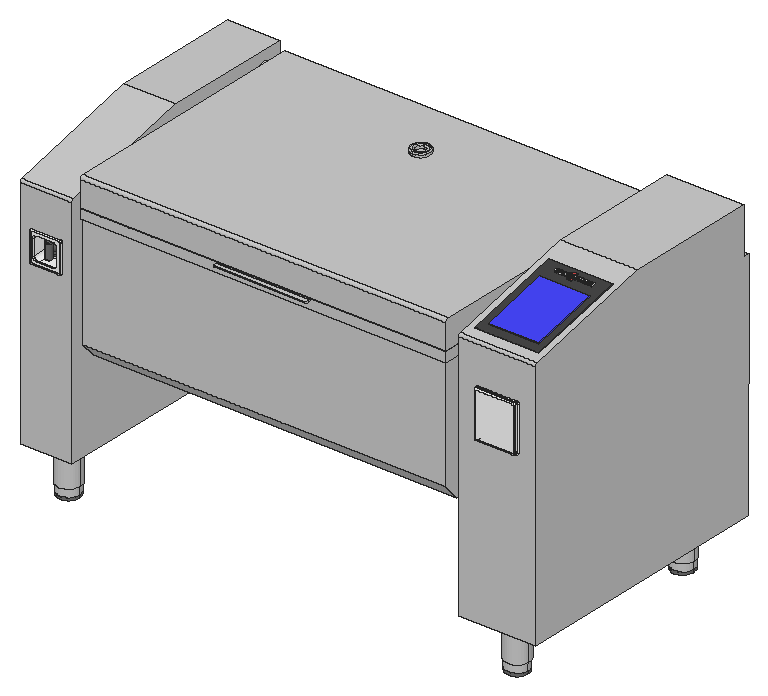
Revit family "QF_WELBILT-CONVOTHERM_FLEXX_PRO_151_260211053209", category Specialty Equipment, Revit 2021
Family settings
  Round Connector Dimension = Use Diameter
  Part Type = Normal
  OmniClass Number = 23.40.40.14
  OmniClass Title = Food Service Equipment
  Work Plane-Based = No
  Always vertical = Yes
  Cut with Voids When Loaded = No
  Shared = No
  Room Calculation Point = No
Parameters (values of type "JI-MKH-007")
  Weight [instance] = 417.00 kg
  Waste Water Discharge Temperature [instance] = 0 °C
  Waste Remarks [instance] = ""
  Warranty Start Date [instance] = ""
  Warranty Duration [instance] = ""
  Volts [instance] = 400 V
  Volt Free Conn [instance] = no
  URL Recommended Spares List [instance] = ""
  URL Manufacturer [instance] = ""
  URL Cutsheet [instance] = ""
  URL Critical Spares List [instance] = ""
  URL = "www.convotherm.com"
  Technical Documentation [instance] = ""
  Tag Number [instance] = ""
  Status [instance] = ""
  Start Up Current [instance] = 0 A
  Specification by User [instance] = ""
  Specification by Manufacturer [instance] = ""
  Sound Level [instance] = ""
  Show Logo [instance] = yes
  Show Clearances [instance] = yes
  Service Life Duration [instance] = ""
  Serial Number [instance] = ""
  Seismic Rating [instance] = ""
  SMACNA No [instance] = ""
  Revision Code [instance] = ""
  Revision [instance] = ""
  Production Year [instance] = ""
  Potential Equalisation [instance] = no
  Point Load [instance] = 0
  Plumbing Remarks [instance] = ""
  Plumbing Connection Type [instance] = ""
  Phase [instance] = 3
  Other Equipment Approvals [instance] = ""
  Operational Current [instance] = 0 A
  Odor Trap Included [instance] = no
  Number of Poles [instance] = 3
  No Load Power Draw [instance] = no
  National Water Regulation Certification [instance] = no
  NAFEM Spec ID Number [instance] = ""
  Model Warning [instance] = ""
  Model = "FLEXX PRO 151"
  Min Ckt Ampacity [instance] = 0 A
  Max Overcurrent Protection [instance] = 50 A
  Masterspec [instance] = ""
  Manufacturer = "WELBILT-CONVOTHERM"
  Main switch integrated [instance] = no
  Length Actual [instance] = 1651 mm
  Item Number [instance] = ""
  Installed By [instance] = ""
  Installation Date [instance] = ""
  Indirect Waste Size [instance] = 50.8 mm
  Indirect Waste Remarks [instance] = ""
  Indirect Waste Flow [instance] = 0.0 L/s
  Indirect Waste Connection Type [instance] = ""
  Indirect Waste Connection Height [instance] = 0 mm
  Identify Quantity as Lot [instance] = no
  ID [instance] = ""
  Hygiene Approval [instance] = ""
  Height Actual [instance] = 1050 mm
  HP power [instance] = ""
  Furnished By [instance] = ""
  Foodservice Equipment Identifier [instance] = no
  FL Amps [instance] = 48 A
  Electrical Remarks [instance] = "Plug not included"
  Electric power [instance] = 36900 W
  Electric Connection Type [instance] = "Cord&Plug"
  Elec Conn RI Height [instance] = 0 mm
  Elec Conn Connection Height [instance] = 0 mm
  ETL Approved [instance] = no
  Direct Waste Water Discharge Temperature [instance] = -273.15 °C
  Direct Waste Size [instance] = 50.8 mm
  Direct Waste RI Height [instance] = 0 mm
  Direct Waste Flow [instance] = 0.0 L/s
  Direct Waste Connection Height [instance] = 0 mm
  Description = "MULTIFUNCTION COOKING DEVICE 3XGN 1/1 150LT"
  Depth Actual [instance] = 850 mm
  Default Elevation = 0 mm
  Cycle [instance] = 50 Hz
  Cost = 0
  Connection to energy optimisation system [instance] = yes
  Conn Plug [instance] = ""
  Conn Conduit [instance] = no
  Cold Water Temperature Recommended [instance] = 0 °C
  Cold Water Size [instance] = 19.05 mm
  Cold Water Remarks [instance] = ""
  Cold Water RI Height [instance] = 0 mm
  Cold Water Quality [instance] = ""
  Cold Water Minimum Pressure [instance] = 200000.0 Pa
  Cold Water Maximum Pressure [instance] = 600000.0 Pa
  Cold Water Flow [instance] = 0.0 L/s
  Cold Water Connection Type [instance] = ""
  Cold Water Connection Height [instance] = 0 mm
  Centralized building control system with digital interface [instance] = ""
  CSI MasterFormat [instance] = ""
  CE Approved [instance] = no
  Barcode [instance] = 0
  Author [instance] = ""
  Asset Identifier [instance] = ""
  Apparent Power [instance] = 36900 VA
  Accessory [instance] = no
Reference planes
  plane 1 "Center (Front/Back)": y = 0
  plane 2: z = 0
  plane 3 "Center (Left/Right)": x = 0
Forms (mm)
  Extrusion 1, solid, not visible
    sketch origin (1551.076, -100.005, 252.012) x (1, 0, 0) y (0, 1, 0)
      loop
        line (-2, 2) -> (-2, -2) -> (2, -2) -> (2, 2) -> (-2, 2)
    from -2 to 2
  Extrusion 2, solid, not visible
    sketch origin (1023.05, -500.024, 460.022) x (1, 0, 0) y (0, 1, 0)
      loop
        line (-2, 2) -> (-2, -2) -> (2, -2) -> (2, 2) -> (-2, 2)
    from -2 to 2
  Extrusion 3, solid, not visible
    sketch origin (160.008, -100.005, 170.008) x (1, 0, 0) y (0, 1, 0)
      loop
        line (-2, 2) -> (-2, -2) -> (2, -2) -> (2, 2) -> (-2, 2)
    from -2 to 2
Dimensions and locks
  locked: nested 2 to Extrusion 1 at 2  (x2)
  locked: nested 3 to Extrusion 2 at 2  (x2)
  locked: nested 4 to Extrusion 3 at 2
  locked: nested 4 to Extrusion 3
  aligned and locked: level to plane 2
Nested families
  nested 1: "QF_WELBILT-CONVOTHERM_JI-MKH-007_2920" at (0, 0, 150), type "JI-MKH-007"
    with Weight 417.00 kg, Warranty Start Date "", Warranty Duration "", URL Cutsheet "", Technical Documentation "", Tag Number "", Status "", Specification by User "", Specification by Manufacturer "", Sound Level "", Solid Fuel Type "", Show Logo yes, Show Clearances yes, Service Life Duration "", Serial Number "", Seismic Rating "", SMACNA No "", Revision Code "", Revision "", Production Year "", Point Load 0, Other Equipment Approvals "", NAFEM Spec ID Number "", Model Warning "", Masterspec "", Length Actual 1651 mm, Item Number "", Installed By "", Installation Date "", Identify Quantity as Lot yes, ID "", Hygiene Approval "", Height Actual 1050 mm, Furnished By "", Foodservice Equipment Identifier yes, ETL Approved yes, Depth Actual 850 mm, CSI MasterFormat "", CE Approved yes, Barcode "", Asset Identifier "", Accessory no
  nested 2: "CONN_POINT_COLDWATER_2D___Generic_Annotation" at (1551.076, -100.005, 250.012), type "CONN_POINT_COLDWATER_2D___Generic_Annotation"
    with Onboard connection annotation symbol visibility yes
  nested 3: "CONN_POINT_DRAIN_2D___Generic_Annotation" at (1023.05, -500.024, 458.022), type "CONN_POINT_DRAIN_2D___Generic_Annotation"
    with Onboard connection annotation symbol visibility yes
  nested 4: "CONN_POINT_ELE_2D___Generic_Annotation" at (162.008, -100.005, 170.008), type "CONN_POINT_ELE_2D___Generic_Annotation"
    with Onboard connection annotation symbol visibility yes
  nested 5: "QF_WELBILT-CONVOTHERM_FLEXX-PRO-FEETS" at (0, 0, 0), type "K6257504"
    with Weight 0.00 kg, Warranty Start Date "", Warranty Duration "", URL Cutsheet "", Technical Documentation "", Tag Number "", Status "", Specification by User "", Specification by Manufacturer "", Sound Level "", Solid Fuel Type "", Show Logo yes, Show Clearances yes, Service Life Duration "", Serial Number "", Seismic Rating "", SMACNA No "", Revision Code "", Revision "", Production Year "", Point Load 0, Other Equipment Approvals "", NAFEM Spec ID Number "", Model Warning "", Masterspec "", Length Actual 1651 mm, Item Number "", Installed By "", Installation Date "", Identify Quantity as Lot yes, ID "", Hygiene Approval "", Height Actual 150 mm, Furnished By "", Foodservice Equipment Identifier yes, ETL Approved yes, Depth Actual 850 mm, CSI MasterFormat "", CE Approved yes, Barcode "", Asset Identifier "", Accessory yes
Connectors
  piping at (1551.076, -100.005, 250.012), diameter 19.05, driven by "Cold Water Size", driven by "Cold Water Flow"
    settings: on Extrusion 1, index 1, connector inside diameter 609.6 mm, connector length 0 mm, flow factor 0, pipe flow 0.0 L/s, pressure drop 0.0 Pa, fitting loss kfactor 0, connector angle 0.00°, fixture units 0, engagement length 0 mm, angle of deflection 0.00°, flow configuration 1, flow direction 1, fitting loss method 0, system type 20, joint type 0, gender type 0, connector reference index -1, connector utility 0, adjustable connector no, is connector primary yes, connector description "Cold Water connection for FLEXX PRO 151"
  piping at (1023.05, -500.024, 458.022), diameter 50.8, driven by "Indirect Waste Size", driven by "Direct Waste Flow"
    settings: on Extrusion 2, index 2, connector inside diameter 609.6 mm, connector length 0 mm, flow factor 0, pipe flow 0.0 L/s, pressure drop 0.0 Pa, fitting loss kfactor 0, connector angle 0.00°, fixture units 0, engagement length 0 mm, angle of deflection 0.00°, flow configuration 1, flow direction 2, fitting loss method 0, system type 16, joint type 0, gender type 0, connector reference index -1, connector utility 0, adjustable connector no, is connector primary no, connector description "Waste connection for FLEXX PRO 151"
  electrical at (162.008, -100.005, 170.008), driven by "Apparent Power", driven by "Number of Poles", driven by "Volts"
    settings: on Extrusion 3, index 3, voltage 400 V, apparent load 0 VA, apparent load phase1 36900 VA, apparent load phase2 0 VA, apparent load phase3 0 VA, power factor 1, load classification "Other", number of poles 3, system type 31, power factor state 1, is connector primary yes, connector utility no, sub classification motor no, connector description "Electrical connection for FLEXX PRO 151"
Definition of nested family "QF_WELBILT-CONVOTHERM_JI-MKH-007_2920"
  Parameters (values of type "JI-MKH-007")
    Weight [instance] = 0.00 kg
    Warranty Start Date [instance] = ""
    Warranty Duration [instance] = ""
    URL Cutsheet [instance] = ""
    URL = "www.convotherm.com"
    Technical Documentation [instance] = ""
    Tag Number [instance] = ""
    Status [instance] = ""
    Specification by User [instance] = ""
    Specification by Manufacturer [instance] = ""
    Sound Level [instance] = ""
    Solid Fuel Type [instance] = ""
    Show Logo [instance] = yes
    Show Clearances [instance] = yes
    Service Life Duration [instance] = ""
    Serial Number [instance] = ""
    Seismic Rating [instance] = ""
    SMACNA No [instance] = ""
    Revision Code [instance] = ""
    Revision [instance] = ""
    Production Year [instance] = ""
    Point Load [instance] = 0
    Other Equipment Approvals [instance] = ""
    NAFEM Spec ID Number [instance] = ""
    Model Warning [instance] = ""
    Model = "FLEXX PRO 151"
    Masterspec [instance] = ""
    Manufacturer = "WELBILT-CONVOTHERM"
    Length Actual [instance] = 0 mm
    Item Number [instance] = ""
    Installed By [instance] = ""
    Installation Date [instance] = ""
    Identify Quantity as Lot [instance] = yes
    ID [instance] = ""
    Hygiene Approval [instance] = ""
    Height Actual [instance] = 0 mm
    Furnished By [instance] = ""
    Foodservice Equipment Identifier [instance] = yes
    ETL Approved [instance] = yes
    Description = "MULTIFUNCTION COOKING DEVICE 3XGN 1/1 150LT"
    Depth Actual [instance] = 0 mm
    Default Elevation = 0 mm
    CSI MasterFormat [instance] = ""
    CE Approved [instance] = yes
    Barcode [instance] = ""
    Author = "SPECIFI"
    Asset Identifier [instance] = ""
    Assembly Code = "E1090320"
    Accessory [instance] = yes
  Reference planes
    plane 1 "Back": y = 0
    plane 2: z = 0
    plane 3 "Left": x = 0
    plane 4 "Right": x = 1651
    plane 5 "Front": y = -850
    plane 6 "Top": z = 900
  Forms (mm)
    Extrusion 1, solid
      sketch origin (0, 0, -150) x (0, 1, 0) y (0, 0, 1)
        loop
          line (0, 150) -> (0, 902) -> (-20, 902) -> (-20, 1000) -> (-435, 1000) -> (-842.983, 907.833)
          arc (-842.983, 907.833) -> (-848.03, 904.673) -> (-850, 899.054) r 9
          line (-850, 899.054) -> (-850, 150) -> (0, 150)
      from 0 to 166
    Extrusion 2, solid
      sketch origin (1651, 10, -150) x (0, -1, 0) y (0, 0, 1)
        loop
          line (10, 150) -> (860, 150) -> (860, 950.639)
          arc (860, 950.639) -> (858.03, 956.258) -> (852.983, 959.418) r 9
          line (852.983, 959.418) -> (452.017, 1050) -> (30, 1050) -> (30, 902) -> (10, 902) -> (10, 150)
      from 0 to 246
    Extrusion 3, solid
      sketch origin (0, 0, -150) x (0, 1, 0) y (0, 0, 1)
        loop
          line (-131.5, 458.3) -> (-131.5, 868.5) -> (-855.5, 868.5) -> (-855.5, 508.65) -> (-810.5, 458.3) -> (-131.5, 458.3)
      from 204 to 1367
    Extrusion 4, solid
      sketch origin (0, 0, -150) x (0, 1, 0) y (0, 0, 1)
        loop
          line (-859, 898.5) -> (-859, 868.5) -> (-128, 868.5) -> (-128, 898.5) -> (-859, 898.5)
      from 200 to 1371
    Extrusion 5, solid
      sketch origin (0, 0, -149) x (0, 1, 0) y (0, 0, 1)
        loop
          circle (-755, 536) r 30
      from 170 to 200
    Extrusion 6, solid
      sketch origin (0, 0, -149) x (0, 1, 0) y (0, 0, 1)
        loop
          circle (-755, 536) r 40
      from 166 to 170
    Extrusion 7, solid
      sketch origin (0, 0, -149) x (0, 1, 0) y (0, 0, 1)
        loop
          circle (-755, 536) r 40
      from 200 to 204
    Extrusion 8, solid
      sketch origin (1572, 0, -149) x (0, 1, 0) y (0, 0, -1)
        loop
          circle (-755, -536) r 30
      from 171 to 201
    Extrusion 9, solid
      sketch origin (1571, 0, -149) x (0, 1, 0) y (0, 0, -1)
        loop
          circle (-755, -536) r 40
      from 166 to 170
    Extrusion 10, solid
      sketch origin (0, -0.3, -150) x (0, 1, 0) y (0, 0, 1)
        loop
          line (-40.7, 914) -> (-40.7, 991) -> (-849.7, 991)
          arc (-849.7, 991) -> (-856.064, 988.364) -> (-858.7, 982) r 9
          line (-858.7, 982) -> (-858.7, 901) -> (-70.7, 901) -> (-40.7, 914)
      from 200 to 1371
    Extrusion 11, solid
      sketch origin (0, 0, -150) x (0, 1, 0) y (0, 0, 1)
        loop
          circle (-85, 946) r 25
      from 166 to 200
    Extrusion 12, solid
      sketch origin (1571, 0, -150) x (0, 1, 0) y (0, 0, -1)
        loop
          circle (-85, -946) r 25
      from 166 to 200
    Extrusion 13, solid
      sketch origin (179, 0, -150) x (1, 0, 0) y (0, 1, 0)
        loop
          arc (456.7, -869) -> (458.164, -872.536) -> (461.7, -874) r 5
          line (461.7, -874) -> (751.7, -874)
          arc (751.7, -874) -> (755.236, -872.536) -> (756.7, -869) r 5
          line (756.7, -869) -> (756.7, -859) -> (456.7, -859) -> (456.7, -869)
      from 892.5 to 895.5
    Extrusion 14, solid
      sketch origin (0, 0, -150) x (0, 1, 0) y (0, 0, 1)
        loop
          line (-232, 150) -> (0, 150) -> (0, 902) -> (-33, 902) -> (-46.715, 831.44) -> (-101, 792) -> (-101, 462) -> (-232, 423.097) -> (-232, 150)
      from 166 to 1405
    Sweep 15, solid
      path origin (358, -850, -150) x (-1, 0, 0) y (0, 0, 1)
        loop
          line (-1108.5, 825.639) -> (-1231.5, 825.639)
          arc (-1231.5, 825.639) -> (-1231.854, 825.492) -> (-1232, 825.139) r 0.5
          line (-1232, 825.139) -> (-1232, 684.139)
          arc (-1232, 684.139) -> (-1231.854, 683.785) -> (-1231.5, 683.639) r 0.5
          line (-1231.5, 683.639) -> (-1108.5, 683.639)
          arc (-1108.5, 683.639) -> (-1108.146, 683.785) -> (-1108, 684.139) r 0.5
          line (-1108, 684.139) -> (-1108, 825.139)
          arc (-1108, 825.139) -> (-1108.146, 825.492) -> (-1108.5, 825.639) r 0.5
      profile origin (1528, -850, 675.639) x (0, 0, -1) y (0, 1, 0)
        loop
          line (0, -13) -> (0, 0) -> (-6, 0)
          arc (-6, 0) -> (-3.879, -0.879) -> (-3, -3) r 3
          line (-3, -3) -> (-3, -10)
          arc (-3, -10) -> (-2.121, -12.121) -> (0, -13) r 3
    Extrusion 16, solid
      sketch origin (358, -850, -150) x (-1, 0, 0) y (0, 0, 1)
        loop
          arc (-1231.5, 825.639) -> (-1231.854, 825.492) -> (-1232, 825.139) r 0.5
          line (-1232, 825.139) -> (-1232, 684.139)
          arc (-1232, 684.139) -> (-1231.854, 683.785) -> (-1231.5, 683.639) r 0.5
          line (-1231.5, 683.639) -> (-1108.5, 683.639)
          arc (-1108.5, 683.639) -> (-1108.146, 683.785) -> (-1108, 684.139) r 0.5
          line (-1108, 684.139) -> (-1108, 825.139)
          arc (-1108, 825.139) -> (-1108.146, 825.492) -> (-1108.5, 825.639) r 0.5
          line (-1108.5, 825.639) -> (-1231.5, 825.639)
      from 0 to -13
    Revolve 17, solid
      sketch origin (785.5, 0, -150) x (0, 1, 0) y (0, 0, 1)
        loop
          line (-211.7, 991) -> (-199.2, 991) -> (-199.2, 998)
          arc (-199.2, 998) -> (-200.079, 1000.121) -> (-202.2, 1001) r 3
          line (-202.2, 1001) -> (-208.7, 1001)
          arc (-208.7, 1001) -> (-210.821, 1000.121) -> (-211.7, 998) r 3
          line (-211.7, 998) -> (-211.7, 991)
        axis (-229.2, 991) -> (-229.2, 1001)
      angle from 0 to 360
    Extrusion 18, solid, visible <- "Show Clearances", detail levels coarse
      sketch origin (0, 0, -150) x (0, 1, 0) y (0, 0, 1)
        loop
          line (-41, 991) -> (-41, 1707)
          arc (-41, 1707) -> (-587.269, 1505.824) -> (-859, 991) r 813
          line (-859, 991) -> (-41, 991)
      from 200 to 1371
    Sweep 19, solid
      path origin (0, -850, -150) x (-1, 0, 0) y (0, 0, 1)
        loop
          arc (-129.2, 776.554) -> (-129.554, 776.407) -> (-129.7, 776.054) r 0.5
          line (-129.7, 776.054) -> (-129.7, 684.054)
          arc (-129.7, 684.054) -> (-129.554, 683.7) -> (-129.2, 683.554) r 0.5
          line (-129.2, 683.554) -> (-37.2, 683.554)
          arc (-37.2, 683.554) -> (-36.846, 683.7) -> (-36.7, 684.054) r 0.5
          line (-36.7, 684.054) -> (-36.7, 776.054)
          arc (-36.7, 776.054) -> (-36.846, 776.407) -> (-37.2, 776.554) r 0.5
          line (-37.2, 776.554) -> (-129.2, 776.554)
      profile origin (83.2, -850, 626.554) x (0, 0, 1) y (0, 1, 0)
        loop
          line (0, 0) -> (0, -5)
          arc (0, -5) -> (2.121, -4.121) -> (3, -2) r 3
          line (3, -2) -> (3, 0) -> (0, 0)
    Extrusion 20, solid
      sketch origin (0, -850, -150) x (-1, 0, 0) y (0, 0, 1)
        loop
          arc (-107.7, 769.21) -> (-118.064, 764.918) -> (-122.357, 754.554) r 14.657
          line (-122.357, 754.554) -> (-122.357, 705.554)
          arc (-122.357, 705.554) -> (-118.064, 695.19) -> (-107.7, 690.897) r 14.657
          line (-107.7, 690.897) -> (-58.7, 690.897)
          arc (-58.7, 690.897) -> (-48.336, 695.19) -> (-44.043, 705.554) r 14.657
          line (-44.043, 705.554) -> (-44.043, 754.554)
          arc (-44.043, 754.554) -> (-48.336, 764.918) -> (-58.7, 769.21) r 14.657
          line (-58.7, 769.21) -> (-107.7, 769.21)
        loop
          line (-37.2, 776.554) -> (-129.2, 776.554)
          arc (-129.2, 776.554) -> (-129.554, 776.407) -> (-129.7, 776.054) r 0.5
          line (-129.7, 776.054) -> (-129.7, 684.054)
          arc (-129.7, 684.054) -> (-129.554, 683.7) -> (-129.2, 683.554) r 0.5
          line (-129.2, 683.554) -> (-37.2, 683.554)
          arc (-37.2, 683.554) -> (-36.846, 683.7) -> (-36.7, 684.054) r 0.5
          line (-36.7, 684.054) -> (-36.7, 776.054)
          arc (-36.7, 776.054) -> (-36.846, 776.407) -> (-37.2, 776.554) r 0.5
      from 0 to -5
    Extrusion 21, solid
      sketch origin (0, -850, -150) x (-1, 0, 0) y (0, 0, 1)
        loop
          line (-58.7, 772.185) -> (-107.7, 772.185)
          arc (-107.7, 772.185) -> (-120.167, 767.021) -> (-125.331, 754.554) r 17.631
          line (-125.331, 754.554) -> (-125.331, 705.554)
          arc (-125.331, 705.554) -> (-120.167, 693.087) -> (-107.7, 687.923) r 17.631
          line (-107.7, 687.923) -> (-58.7, 687.923)
          arc (-58.7, 687.923) -> (-46.233, 693.087) -> (-41.069, 705.554) r 17.631
          line (-41.069, 705.554) -> (-41.069, 754.554)
          arc (-41.069, 754.554) -> (-46.233, 767.021) -> (-58.7, 772.185) r 17.631
        loop
          arc (-107.7, 769.21) -> (-118.064, 764.918) -> (-122.357, 754.554) r 14.657
          line (-122.357, 754.554) -> (-122.357, 705.554)
          arc (-122.357, 705.554) -> (-118.064, 695.19) -> (-107.7, 690.897) r 14.657
          line (-107.7, 690.897) -> (-58.7, 690.897)
          arc (-58.7, 690.897) -> (-48.336, 695.19) -> (-44.043, 705.554) r 14.657
          line (-44.043, 705.554) -> (-44.043, 754.554)
          arc (-44.043, 754.554) -> (-48.336, 764.918) -> (-58.7, 769.21) r 14.657
          line (-58.7, 769.21) -> (-107.7, 769.21)
      from 0 to 43
    Extrusion 22, void
      sketch origin (0, -850, -150) x (-1, 0, 0) y (0, 0, 1)
        loop
          line (-58.7, 772.185) -> (-107.7, 772.185)
          arc (-107.7, 772.185) -> (-120.167, 767.021) -> (-125.331, 754.554) r 17.631
          line (-125.331, 754.554) -> (-125.331, 705.554)
          arc (-125.331, 705.554) -> (-120.167, 693.087) -> (-107.7, 687.923) r 17.631
          line (-107.7, 687.923) -> (-58.7, 687.923)
          arc (-58.7, 687.923) -> (-46.233, 693.087) -> (-41.069, 705.554) r 17.631
          line (-41.069, 705.554) -> (-41.069, 754.554)
          arc (-41.069, 754.554) -> (-46.233, 767.021) -> (-58.7, 772.185) r 17.631
      from -5 to 43
    Extrusion 23, solid
      sketch origin (0, -850, -150) x (-1, 0, 0) y (0, 0, 1)
        loop
          arc (-107.7, 769.21) -> (-118.064, 764.918) -> (-122.357, 754.554) r 14.657
          line (-122.357, 754.554) -> (-122.357, 705.554)
          arc (-122.357, 705.554) -> (-118.064, 695.19) -> (-107.7, 690.897) r 14.657
          line (-107.7, 690.897) -> (-58.7, 690.897)
          arc (-58.7, 690.897) -> (-48.336, 695.19) -> (-44.043, 705.554) r 14.657
          line (-44.043, 705.554) -> (-44.043, 754.554)
          arc (-44.043, 754.554) -> (-48.336, 764.918) -> (-58.7, 769.21) r 14.657
          line (-58.7, 769.21) -> (-107.7, 769.21)
      from 40 to 43
    Revolve 24, solid
      sketch origin (83.2, 0, -150) x (0, 1, 0) y (0, 0, 1)
        loop
          line (-840, 753.054) -> (-847.5, 753.054) -> (-847.5, 750.054) -> (-851, 750.054) -> (-851, 708.054) -> (-848, 705.054) -> (-840, 705.054) -> (-840, 753.054)
        axis (-840, 753.054) -> (-840, 705.054)
      angle from 0 to 360
    Revolve 25, solid
      sketch origin (83.2, 0, -150) x (0, 1, 0) y (0, 0, 1)
        loop
          line (-810, 730.054) -> (-810, 757.554) -> (-812, 757.554) -> (-820.172, 754.085)
          arc (-820.172, 754.085) -> (-821.502, 752.979) -> (-822, 751.323) r 3
          line (-822, 751.323) -> (-822, 741.054) -> (-840, 741.054) -> (-840, 730.054) -> (-810, 730.054)
        axis (-810, 730.054) -> (-840, 730.054)
      angle from 0 to 360
    Extrusion 26, solid
      sketch origin (358, 1914.493, 1343.992) x (0, 0.975419, 0.220357) y (-1, 0, 0)
        loop
          line (-2472.158, -1067.5) -> (-2776.158, -1067.5) -> (-2776.158, -1272.5) -> (-2472.158, -1272.5) -> (-2472.158, -1067.5)
      from 85 to 87
    Extrusion 27, solid
      sketch origin (358, 1914.493, 1343.992) x (0, 0.975419, 0.220357) y (-1, 0, 0)
        loop
          line (-2537.158, -1090.5) -> (-2748.158, -1090.5) -> (-2748.158, -1249.5) -> (-2537.158, -1249.5) -> (-2537.158, -1090.5)
      from 85 to 88
    Extrusion 28, solid
      sketch origin (1571, 0, -149) x (0, 1, 0) y (0, 0, -1)
        loop
          circle (-755, -536) r 40
      from 200 to 204
    Extrusion 29, solid, visible <- "Show Clearances", detail levels coarse
      sketch origin (0, -218.5, 1142) x (0, 0, 1) y (0, -1, 0)
        loop
          line (-131.5, 458.3) -> (-131.5, 868.5) -> (-855.5, 868.5) -> (-855.5, 508.65) -> (-810.5, 458.3) -> (-131.5, 458.3)
      from 204 to 1367
    Extrusion 30, solid, visible <- "Show Clearances", detail levels coarse
      sketch origin (0, -218.5, 1142) x (0, 0, 1) y (0, -1, 0)
        loop
          line (-859, 898.5) -> (-859, 868.5) -> (-128, 868.5) -> (-128, 898.5) -> (-859, 898.5)
      from 200 to 1371
    Extrusion 31, solid, visible <- "Show Logo"
      sketch origin (1035.704, -854.573, 193.005) x (1, 0, 0) y (0, 0.975419, 0.220357)
        loop
          line (493.556, 462.654) -> (493.556, 469.472)
          arc (493.556, 469.472) -> (472.307, 455.836) -> (493.556, 442.199) r 15
          line (493.556, 442.199) -> (493.556, 449.017)
          arc (493.556, 449.017) -> (480.852, 455.836) -> (493.556, 462.654) r 8.182
      from 598 to 600
    Extrusion 32, solid, visible <- "Show Logo"
      sketch origin (988.83, -854.463, 192.517) x (1, 0, 0) y (0, 0.975419, 0.220357)
        loop
          line (486.789, 458.563) -> (486.789, 461.29)
          arc (486.789, 461.29) -> (478.289, 455.836) -> (486.789, 450.381) r 6
          line (486.789, 450.381) -> (486.789, 453.108)
          arc (486.789, 453.108) -> (481.707, 455.836) -> (486.789, 458.563) r 3.273
        loop
          circle (495.124, 455.836) r 6
        loop
          circle (495.124, 455.836) r 3.266
        loop
          line (503.766, 449.836) -> (506.45, 449.836) -> (506.45, 457.877) -> (510.841, 449.836) -> (515.031, 449.836) -> (515.031, 461.836) -> (512.331, 461.836) -> (512.331, 452.741) -> (507.365, 461.836) -> (503.766, 461.836) -> (503.766, 449.836)
        loop
          line (516.563, 461.836) -> (520.462, 449.836) -> (524.172, 449.836) -> (528.071, 461.836) -> (524.719, 461.836) -> (522.317, 453.459) -> (519.915, 461.836) -> (516.563, 461.836)
        loop
          circle (535.182, 455.836) r 6
        loop
          circle (535.182, 455.836) r 3.266
        loop
          line (575.346, 461.836) -> (575.346, 449.836) -> (578.16, 449.836) -> (578.16, 454.169) -> (579.27, 454.169) -> (581.772, 449.836) -> (585.216, 449.836) -> (581.898, 454.755)
          arc (581.898, 454.755) -> (582.887, 455.385) -> (583.517, 456.374) r 2.709
          arc (583.517, 456.374) -> (583.803, 457.995) -> (583.517, 459.615) r 4.738
          arc (583.517, 459.615) -> (582.282, 461.225) -> (580.346, 461.836) r 3.374
          line (580.346, 461.836) -> (575.346, 461.836)
        loop
          line (578.16, 456.542) -> (579.584, 456.542)
          arc (579.584, 456.542) -> (581.041, 457.999) -> (579.584, 459.457) r 1.457
          line (579.584, 459.457) -> (578.16, 459.457) -> (578.16, 456.542)
        loop
          line (542.187, 461.836) -> (542.187, 459.168) -> (545.068, 459.168) -> (545.068, 449.836) -> (548.304, 449.836) -> (548.304, 459.168) -> (551.185, 459.168) -> (551.185, 461.836) -> (542.187, 461.836)
        loop
          line (553.224, 461.836) -> (553.224, 449.836) -> (556.106, 449.836) -> (556.106, 454.836) -> (559.986, 454.836) -> (559.986, 449.836) -> (562.867, 449.836) -> (562.867, 461.836) -> (559.986, 461.836) -> (559.986, 457.148) -> (556.106, 457.148) -> (556.106, 461.836) -> (553.224, 461.836)
        loop
          line (565.879, 461.836) -> (565.879, 449.836) -> (572.903, 449.836) -> (572.903, 452.163) -> (568.881, 452.163) -> (568.881, 454.612) -> (572.641, 454.612) -> (572.641, 457.059) -> (568.881, 457.059) -> (568.881, 459.508) -> (572.903, 459.508) -> (572.903, 461.836) -> (565.879, 461.836)
        loop
          line (586.65, 461.836) -> (586.65, 449.836) -> (589.336, 449.836) -> (589.336, 458.187) -> (591.769, 449.836) -> (594.811, 449.836) -> (597.244, 458.187) -> (597.244, 449.836) -> (599.93, 449.836) -> (599.93, 461.836) -> (595.875, 461.836) -> (593.29, 452.962) -> (590.705, 461.836) -> (586.65, 461.836)
      from 599 to 601
  Cuts and joins
    Extrusion 22 cuts Extrusion 1
    joined: Extrusion 1, Extrusion 2, Extrusion 14
  Lines and regions (mm)
    symbolic lines
      curve 1: line (0, 0, 0) -> (0, -850, 0)
      curve 2: line (0, -850, 0) -> (166, -850, 0)
      curve 3: line (166, -850, 0) -> (166, 0, 0)
      curve 4: line (200, -41, 0) -> (1371, -41, 0)
      curve 5: line (200, -859, 0) -> (200, -41, 0)
      curve 6: line (1371, -859, 0) -> (200, -859, 0)
      curve 7: line (1371, -41, 0) -> (1371, -859, 0)
      curve 8: line (1405, -850, 0) -> (1405, 0, 0)
      curve 9: line (1651, -850, 0) -> (1651, 0, 0)
      curve 10: line (0, 0, 0) -> (1651, 0, 0)
      curve 11: line (166, -33, 0) -> (1405, -33, 0)
      curve 12: line (935.7, -869, 0) -> (935.7, -859, 0)
      curve 13: arc (930.7, -874, 0) -> (934.236, -872.536, 0) -> (935.7, -869, 0) r 5
      curve 14: line (640.7, -874, 0) -> (930.7, -874, 0)
      curve 15: arc (635.7, -869, 0) -> (637.164, -872.536, 0) -> (640.7, -874, 0) r 5
      curve 16: line (635.7, -859, 0) -> (635.7, -869, 0)
      curve 17: line (166, -715, 0) -> (170, -715, 0)
      curve 18: line (170, -715, 0) -> (170, -795, 0)
      curve 19: line (170, -795, 0) -> (166, -795, 0)
      curve 20: line (170, -725, 0) -> (200, -725, 0)
      curve 21: line (170, -785, 0) -> (200, -785, 0)
      curve 22: line (166, -110, 0) -> (200, -110, 0)
      curve 23: line (166, -60, 0) -> (200, -60, 0)
      curve 24: line (1405, -715, 0) -> (1401, -715, 0)
      curve 25: line (1401, -715, 0) -> (1401, -795, 0)
      curve 26: line (1401, -795, 0) -> (1405, -795, 0)
      curve 27: line (1401, -725, 0) -> (1371, -725, 0)
      curve 28: line (1401, -785, 0) -> (1371, -785, 0)
      curve 29: line (1405, -110, 0) -> (1371, -110, 0)
      curve 30: line (1405, -60, 0) -> (1371, -60, 0)
      curve 31: line (1405, -850, 0) -> (1651, -850, 0)
      curve 32: line (0, -435, 0) -> (166, -435, 0)
      curve 33: line (1405, -442.017, 0) -> (1651, -442.017, 0)
      curve 34: line (1405, -20, 0) -> (1651, -20, 0)
      curve 35: line (0, -20, 0) -> (166, -20, 0)
      curve 36: line (1425.5, -515.628, 0) -> (1630.5, -515.628, 0)
      curve 37: line (1425.5, -812.596, 0) -> (1425.5, -515.628, 0)
      curve 38: line (1630.5, -812.596, 0) -> (1425.5, -812.596, 0)
      curve 39: line (1630.5, -515.628, 0) -> (1630.5, -812.596, 0)
      curve 40: line (1448.5, -579.691, 0) -> (1607.5, -579.691, 0)
      curve 41: line (1448.5, -785.505, 0) -> (1448.5, -579.691, 0)
      curve 42: line (1607.5, -785.505, 0) -> (1448.5, -785.505, 0)
      curve 43: line (1607.5, -579.691, 0) -> (1607.5, -785.505, 0)
      curve 44: line (36.7, -855, 0) -> (129.7, -855, 0)
      curve 45: line (132.7, -850, 0) -> (132.7, -852, 0)
      curve 46: line (33.7, -850, 0) -> (33.7, -852, 0)
      curve 47: arc (33.7, -852, 0) -> (34.579, -854.121, 0) -> (36.7, -855, 0) r 3
      curve 48: arc (129.7, -855, 0) -> (131.821, -854.121, 0) -> (132.7, -852, 0) r 3
      curve 49: line (1466, -863, 0) -> (1590, -863, 0)
      curve 50: line (1463, -850, 0) -> (1463, -860, 0)
      curve 51: arc (1463, -860, 0) -> (1463.879, -862.121, 0) -> (1466, -863, 0) r 3
      curve 52: line (1593, -850, 0) -> (1593, -860, 0)
      curve 53: arc (1593, -860, 0) -> (1592.121, -862.121, 0) -> (1590, -863, 0) r 3
      curve 54: circle (785.5, -229.2, 0) r 17.5 normal (0, 0, 1)
      curve 55: circle (785.5, -229.2, 0) r 30 normal (0, 0, 1)
    symbolic lines, visible <- "Show Clearances"
      curve 56: line (200, -1117, 0) -> (200, -859, 0)
      curve 57: line (200, -1117, 0) -> (1371, -1117, 0)
      curve 58: line (1371, -1117, 0) -> (1371, -859, 0)
  Dimensions and locks
    plane 3 "Left" to plane 4 "Right" = 1651 mm
    plane 5 "Front" to plane 1 "Back" = 850 mm
    aligned and locked: level to plane 2
Definition of nested family "QF_WELBILT-CONVOTHERM_FLEXX-PRO-FEETS"
  Parameters (values of type "K6257507")
    Weight [instance] = 0.00 kg
    Warranty Start Date [instance] = ""
    Warranty Duration [instance] = ""
    URL Cutsheet [instance] = ""
    URL = "www.convotherm.com"
    Technical Documentation [instance] = ""
    Tag Number [instance] = ""
    Status [instance] = ""
    Specification by User [instance] = ""
    Specification by Manufacturer [instance] = ""
    Sound Level [instance] = ""
    Solid Fuel Type [instance] = ""
    Show Logo [instance] = yes
    Show Clearances [instance] = yes
    Service Life Duration [instance] = ""
    Serial Number [instance] = ""
    Seismic Rating [instance] = ""
    SMACNA No [instance] = ""
    Right offset = 127.5 mm
    Revision Code [instance] = ""
    Revision [instance] = ""
    Rear offset = 102.5 mm
    Production Year [instance] = ""
    Point Load [instance] = 0
    Other Equipment Approvals [instance] = ""
    NAFEM Spec ID Number [instance] = ""
    Model Warning [instance] = ""
    Model = "K6257507"
    Masterspec [instance] = ""
    Manufacturer = "WELBILT-CONVOTHERM"
    Length Actual [instance] = 2009 mm
    Left offset = 87.5 mm
    Item Number [instance] = ""
    Installed By [instance] = ""
    Installation Date [instance] = ""
    Identify Quantity as Lot [instance] = yes
    ID [instance] = ""
    Hygiene Approval [instance] = ""
    Height Actual [instance] = 150 mm
    Furnished By [instance] = ""
    Front offset = 84.5 mm
    Foodservice Equipment Identifier [instance] = yes
    ETL Approved [instance] = yes
    Description = "4 FEETS H=150 MM"
    Depth Actual [instance] = 850 mm
    Default Elevation = 0 mm
    CSI MasterFormat [instance] = ""
    CE Approved [instance] = yes
    Barcode [instance] = ""
    Author = "SPECIFI"
    Asset Identifier [instance] = ""
    Assembly Code = "E1090320"
    Accessory [instance] = yes
  Types (5, lengths in mm): name | Model | Length Actual
    K6257504 | "K6257504" | 1651
    K6257501 | "K6257501" | 1293
    K6257503 | "K6257503" | 1580
    K6257506 | "K6257506" | 1756
    K6257507 | "K6257507" | 2009
  Reference planes
    plane 1 "Back": y = 0
    plane 2: z = 0
    plane 3 "Left": x = 0
    plane 4 "Right": x = 2009
    plane 5 "Front": y = -850
    plane 6 "Top": z = 150
    plane 7 "Left offset": x = 87.5
    plane 8 "Right offset": x = 1881.5
    plane 9 "Rear offset": y = -102.5
    plane 10 "Front offset": y = -765.5
  Dimensions and locks
    "Length Actual": plane 3 "Left" to plane 4 "Right"
    "Depth Actual": plane 5 "Front" to plane 1 "Back"
    "Left offset": plane 3 "Left" to plane 7 "Left offset"
    "Right offset": plane 8 "Right offset" to plane 4 "Right"
    "Rear offset": plane 9 "Rear offset" to plane 1 "Back"
    "Front offset": plane 10 "Front offset" to plane 5 "Front"
    "Height Actual": plane 6 "Top" to level
    plane 7 "Left offset" to plane 8 "Right offset" = 1794 mm
    aligned and locked: level to plane 2
    aligned and locked: nested 2 to plane 8 "Right offset"
    aligned and locked: nested 3 to plane 8 "Right offset"
    aligned and locked: nested 4 to plane 7 "Left offset"
    aligned and locked: nested 4 to plane 10 "Front offset"
    aligned and locked: nested 3 to plane 10 "Front offset"
    aligned and locked: nested 1 to plane 7 "Left offset"
    aligned and locked: nested 1 to plane 9 "Rear offset"
    aligned and locked: nested 2 to plane 9 "Rear offset"
  Nested families
    nested 1: "QF_WELBILT-CONVOTHERM_LEG" at (87.5, -102.5, 0), type "LEG"
    nested 2: "QF_WELBILT-CONVOTHERM_LEG" at (1881.5, -102.5, 0), type "LEG"
    nested 3: "QF_WELBILT-CONVOTHERM_LEG" at (1881.5, -765.5, 0), type "LEG"
    nested 4: "QF_WELBILT-CONVOTHERM_LEG" at (87.5, -765.5, 0), type "LEG"
  Definition of nested family "QF_WELBILT-CONVOTHERM_LEG"
    Parameters (values of type "LEG")
      Height = 150 mm
      Default Elevation = 0 mm
    Reference planes
      plane 1 "Center (Front/Back)": y = 0
      plane 2: z = 0
      plane 3 "Center (Left/Right)": x = 0
      plane 4 "Top": z = 150
    Forms (mm)
      Extrusion 1, solid
        sketch origin (0, 0, 150) x (0, 1, 0) y (-1, 0, 0)
          loop
            arc (52.5, 47.5) -> (51.036, 51.036) -> (47.5, 52.5) r 5
            line (47.5, 52.5) -> (-47.5, 52.5)
            arc (-47.5, 52.5) -> (-51.036, 51.036) -> (-52.5, 47.5) r 5
            line (-52.5, 47.5) -> (-52.5, -47.5)
            arc (-52.5, -47.5) -> (-51.036, -51.036) -> (-47.5, -52.5) r 5
            line (-47.5, -52.5) -> (47.5, -52.5)
            arc (47.5, -52.5) -> (51.036, -51.036) -> (52.5, -47.5) r 5
            line (52.5, -47.5) -> (52.5, 47.5)
        from 0 to -3
      Extrusion 2, solid
        sketch origin (-199.986, 580, 0) x (1, 0, 0) y (0, 1, 0)
          loop
            circle (199.986, -580) r 35
        from 9 to 35
      Extrusion 3, solid
        sketch origin (-199.986, 580, 0) x (1, 0, 0) y (0, 1, 0)
          loop
            circle (199.986, -580) r 35
        from 0 to 9
      Sweep 4, solid
        path origin (0, 0, 0) x (0, 1, 0) y (0, 0, 1)
          loop
            line (0, 147) -> (0, 35)
        profile origin (0, 0, 91) x (1, 0, 0) y (0, 1, 0)
          loop
            circle (0, 0) r 38
    Dimensions and locks
      "Height": plane 4 "Top" to plane 2
      aligned and locked: level to plane 2
    Automatic sketch dimensions
      plane 1 "Center (Front/Back)" to Extrusion 2 sketch curve = 0 mm
      Extrusion 2 sketch curve to plane 3 "Center (Left/Right)" = 0 mm
      plane 1 "Center (Front/Back)" to Extrusion 3 sketch curve = 0 mm
      Extrusion 3 sketch curve to plane 3 "Center (Left/Right)" = 0 mm
      Sweep 4 sketch curve to plane 1 "Center (Front/Back)" = 0 mm
      level to Sweep 4 sketch curve = 35 mm
      Sweep 4 sketch curve to plane 4 "Top" = 3 mm
      Sweep 4 sketch curve to plane 3 "Center (Left/Right)" = 0 mm
      profile plane to Sweep 4 sketch curve = 0 mm
      plane 1 "Center (Front/Back)" to Extrusion 1 sketch curve = 52.5 mm
      Extrusion 1 sketch curve to Extrusion 1 sketch curve = 5 mm  (x3)
      Extrusion 1 sketch curve to plane 1 "Center (Front/Back)" = 47.5 mm  (x2)
      plane 3 "Center (Left/Right)" to Extrusion 1 sketch curve = 52.5 mm
      Extrusion 1 sketch curve to plane 3 "Center (Left/Right)" = 47.5 mm
      radius of Extrusion 2 sketch curve = 35 mm
      radius of Extrusion 3 sketch curve = 35 mm
      radius of Sweep 4 sketch curve = 38 mm
Definition of nested family "CONN_POINT_COLDWATER_2D___Generic_Annotation"
  Parameters (values of type "CONN_POINT_COLDWATER_2D___Generic_Annotation")
    Onboard connection annotation symbol visibility [instance] = yes
  Reference planes
    plane 1: y = 0
    plane 2: x = 0
  Lines and regions (mm)
    detail lines, visible <- "Onboard connection annotation symbol visibility"
      curve 1: circle (0, 0, 0) r 0.5 normal (0, 0, 1)
      curve 2: line (-1, 0, 0) -> (1, 0, 0)
      curve 3: line (0, 1, 0) -> (0, -1, 0)
      curve 4: line (3.241, 1, 0) -> (3.717, -1, 0)
      curve 5: line (3.717, -1, 0) -> (4.193, 1, 0)
      curve 6: line (4.193, 1, 0) -> (4.669, -1, 0)
      curve 7: line (4.669, -1, 0) -> (5.145, 1, 0)
      curve 8: arc (2.67, 0.524, 0) -> (2.004, 1, 0) -> (1.337, 0.524, 0) r 0.704
      curve 9: arc (1.337, -0.524, 0) -> (2.004, -1, 0) -> (2.67, -0.524, 0) r 0.704
      curve 10: arc (1.337, 0.524, 0) -> (1.25, 0, 0) -> (1.337, -0.524, 0) r 1.616
Definition of nested family "CONN_POINT_DRAIN_2D___Generic_Annotation"
  Parameters (values of type "CONN_POINT_DRAIN_2D___Generic_Annotation")
    Onboard connection annotation symbol visibility [instance] = yes
  Reference planes
    plane 1: y = 0
    plane 2: x = 0
  Lines and regions (mm)
    detail lines, visible <- "Onboard connection annotation symbol visibility"
      curve 1: circle (0, 0, 0) r 0.5 normal (0, 0, 1)
      curve 2: line (-1, 0, 0) -> (1, 0, 0)
      curve 3: line (0, 1, 0) -> (0, -1, 0)
      curve 4: line (1.776, 1, 0) -> (1.25, 1, 0)
      curve 5: line (1.25, 1, 0) -> (1.25, -1, 0)
      curve 6: line (1.25, -1, 0) -> (1.776, -1, 0)
      curve 7: arc (2.206, -0.862, 0) -> (2.459, -0.589, 0) -> (2.583, -0.238, 0) r 0.918
      curve 8: arc (2.583, 0.238, 0) -> (2.459, 0.589, 0) -> (2.206, 0.862, 0) r 0.918
      curve 9: arc (2.583, -0.238, 0) -> (2.599, 0, 0) -> (2.583, 0.238, 0) r 1.77
      curve 10: arc (2.206, 0.862, 0) -> (2.002, 0.965, 0) -> (1.776, 1, 0) r 0.741
      curve 11: arc (1.776, -1, 0) -> (2.002, -0.965, 0) -> (2.206, -0.862, 0) r 0.741
Definition of nested family "CONN_POINT_ELE_2D___Generic_Annotation"
  Parameters (values of type "CONN_POINT_ELE_2D___Generic_Annotation")
    Onboard connection annotation symbol visibility [instance] = yes
  Reference planes
    plane 1: y = 0
    plane 2: x = 0
  Lines and regions (mm)
    detail lines, visible <- "Onboard connection annotation symbol visibility"
      curve 1: circle (0, 0, 0) r 0.5 normal (0, 0, 1)
      curve 2: line (-1, 0, 0) -> (1, 0, 0)
      curve 3: line (0, 1, 0) -> (0, -1, 0)
      curve 4: line (2.5, 1, 0) -> (1.25, 1, 0)
      curve 5: line (1.25, 1, 0) -> (1.25, -1, 0)
      curve 6: line (1.25, -1, 0) -> (2.5, -1, 0)
      curve 7: line (1.25, 0, 0) -> (2, 0, 0)
